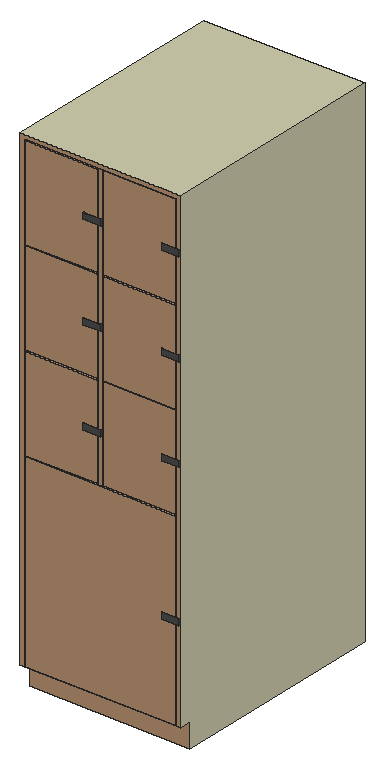
Revit family "Cabinet_Wenger_UltraStor_07", category Furniture, Revit 2015
Parameters (values of type "UltraStor Cabinet #07 - Comp Wood Doors")
  URL = "https://www.wengercorp.com/"
  Type Comments = ""
  Specification = "http://www.arcat.com/sdspecs/htm04/12_35_83wen.htm"
  Shelf Thickness = 0' - 1 1/8"
  Sales Information = "https://www.wengercorp.com/contact-us.php"
  Revision = "R1_2018-04"
  Rear Panel Thickness = 0' - 0 3/4"
  Product Data = "http://www.arcat.com/arcatcos/cos36/arc36487.html"
  Manufacturer Website = "https://www.wengercorp.com/"
  Manufacturer Phone - Toll Free = "800-4WENGER"
  Manufacturer Phone = "(507) 455-4100"
  Manufacturer Fax = "(507) 455-4258"
  Manufacturer Address = "555 Park Dr., Owatonna, MN 55060"
  Keynote = "12 35 83"
  HasDoors = yes
  Green Building-LEED = "http://www.arcat.com/green/clients/leed_data_36487.html"
  Drawn By = "Sumex Design, Inc. / Robert S. Weygant, CSI, CDT, SCIP"
  Door Width = (Cabinet Width - 0' 2 1/4") / 2  # 1' - 0 5/8"
  Door Style = Door_Base : Solid Door
  Door Material [instance] = Wenger Cherry (Use Cherry Edge Band Only)
  Door Height = (Cabinet Height - 0' 4 3/4") / 5  # 1' - 4.175"
  Toe Kick Material [instance] = Wenger Cherry (Use Cherry Edge Band Only)
  RH End Panel [instance] = no
  Model = "#07"
  Manufacturer = "Wenger Corporation"
  LH End Panel [instance] = no
  End Panel Material [instance] = Wenger Cherry (Use Cherry Edge Band Only)
  Edge Banding Material [instance] = Wenger Cherry (Use Cherry Edge Band Only)
  Cost = 0
  Copyright = "© 2018 Arcat Inc."
  Construction Details = "http://www.arcat.com/details/wengerco/wengerco.html?coid=36487"
  Body Material [instance] = Wenger - Oyster
  Description = "Wenger UltraStor Cabinet #07 - Comp Wood Doors"
  Cabinet Width = 2' - 3 1/2"
  Cabinet Height = 7' - 1 5/8"
  Installed Depth = 3' - 3 1/4"
  Cabinet Panel Thickness = 0' - 0 3/4"
  Assembly Code = "E2010200"
Types (14): name | Rear Panel Thickness | HasDoors | Door Width | Door Style | Door Material | Model | Description | Cabinet Width | Installed Depth
  Acoustic Cabinet #07 - No Doors | 0' - 3 1/4" | no | 1' - 0 5/8" | Door_Base : Solid Door | none | "#07A" | "Wenger Acoustic Cabinet #07 - No Doors" | 2' - 3 1/2" | 3' - 5 3/4"
  Narrow Acoustic Cabinet #07 - No Doors | 0' - 3 1/4" | no | 0' - 9 5/8" | Door_Base : Solid Door | none | "#07NA" | "Wenger Narrow Acoustic Cabinet #07 - No Doors" | 1' - 9 1/2" | 3' - 5 3/4"
  Narrow Acoustic Cabinet #07 - Comp Grille Doors | 0' - 3 1/4" | yes | 0' - 9 5/8" | Door_Base : Bars | Painted Black | "#07NA" | "Wenger Narrow Acoustic Cabinet #07 - Comp Grille Doors" | 1' - 9 1/2" | 3' - 5 3/4"
  Acoustic Cabinet #07 - Comp Waterfall Grille Doors | 0' - 3 1/4" | yes | 1' - 0 5/8" | Door_Base : Waterfall | Painted Black | "#07A" | "Wenger Acoustic Cabinet #07 - Comp Waterfall Grille Doors" | 2' - 3 1/2" | 3' - 5 3/4"
  Acoustic Cabinet #07 - Comp Grille Doors | 0' - 3 1/4" | yes | 1' - 0 5/8" | Door_Base : Bars | Painted Black | "#07A" | "Wenger Acoustic Cabinet #07 - Comp Grille Doors" | 2' - 3 1/2" | 3' - 5 3/4"
  Narrow Acoustic Cabinet #07 - Comp Waterfall Grille Doors | 0' - 3 1/4" | yes | 0' - 9 5/8" | Door_Base : Waterfall | Painted Black | "#07NA" | "Wenger Narrow Acoustic Cabinet #07 - Comp Waterfall Grille Doors" | 1' - 9 1/2" | 3' - 5 3/4"
  Narrow UltraStor Cabinet #07 - No Doors | 0' - 0 3/4" | no | 0' - 9 5/8" | Door_Base : Solid Door | none | "#07N" | "Wenger Narrow Cabinet #07 - No Doors" | 1' - 9 1/2" | 3' - 3 1/4"
  UltraStor Cabinet #07 - Comp Waterfall Grille Doors | 0' - 0 3/4" | yes | 1' - 0 5/8" | Door_Base : Waterfall | Painted Black | "#07" | "Wenger UltraStor Cabinet #07 - Comp Waterfall Grille Doors" | 2' - 3 1/2" | 3' - 3 1/4"
  UltraStor Cabinet #07 - Comp Grille Doors | 0' - 0 3/4" | yes | 1' - 0 5/8" | Door_Base : Bars | Painted Black | "#07" | "Wenger UltraStor Cabinet #07 - Comp Grille Doors" | 2' - 3 1/2" | 3' - 3 1/4"
  UltraStor Cabinet #07 - No Doors | 0' - 0 3/4" | no | 1' - 0 5/8" | Door_Base : Solid Door | none | "#07" | "Wenger UltraStor Cabinet #07 - No Doors" | 2' - 3 1/2" | 3' - 3 1/4"
  Narrow UltraStor Cabinet #07 - Comp Grille Doors | 0' - 0 3/4" | yes | 0' - 9 5/8" | Door_Base : Bars | Painted Black | "#07N" | "Wenger Narrow Cabinet #07 - Comp Grille Doors" | 1' - 9 1/2" | 3' - 3 1/4"
  Narrow UltraStor Cabinet #07 - Comp Wood Doors | 0' - 0 3/4" | yes | 0' - 9 5/8" | Door_Base : Solid Door | Wenger Cherry (Use Cherry Edge Band Only) | "#07N" | "Wenger Narrow Cabinet #07 - Comp Wood Doors" | 1' - 9 1/2" | 3' - 3 1/4"
  Narrow UltraStor Cabinet #07 - Comp Waterfall Grille Doors | 0' - 0 3/4" | yes | 0' - 9 5/8" | Door_Base : Waterfall | Painted Black | "#07N" | "Wenger Narrow Cabinet #07 - Comp Waterfall Grille Doors" | 1' - 9 1/2" | 3' - 3 1/4"
  UltraStor Cabinet #07 - Comp Wood Doors | 0' - 0 3/4" | yes | 1' - 0 5/8" | Door_Base : Solid Door | Wenger Cherry (Use Cherry Edge Band Only) | "#07" | "Wenger UltraStor Cabinet #07 - Comp Wood Doors" | 2' - 3 1/2" | 3' - 3 1/4"
Reference planes (in)
  plane 1 "Front": y = 0
  plane 2: z = 0
  plane 3 "Left": x = 0
  plane 4 "Right": x = 27.5
  plane 5 "Back": y = 39.25
  plane 6 "Top": z = 85.625
  plane 7: z = 4
  plane 8: z = 20.175
  plane 9: z = 36.35
  plane 10: z = 52.525
  plane 11: z = 68.7
  plane 12: x = 0.75
  plane 13: x = 26.75
  plane 14: z = 84.875
  plane 15: x = 13.375
  plane 16: x = 14.125
  plane 17: y = 38.5
  plane 18: y = 2
  plane 19: y = 0.75
  plane 20: z = 21.3
  plane 21: z = 37.475
  plane 22: z = 53.65
  plane 23: z = 69.825
  plane 24: z = 5.125
Forms (in)
  Extrusion 1, solid, material "Wenger - Oyster" <- "Body Material"
    sketch origin (0, 0, 0) x (0, 1, 0) y (0, 0, 1)
      loop
        line (0, 85.625) -> (0, 4) -> (2, 4) -> (2, 0) -> (39.25, 0) -> (39.25, 85.625) -> (0, 85.625)
    from 0 to 27.5
  Extrusion 2, void
    sketch origin (0, 0, 0) x (0, 1, 0) y (0, 0, 1)
      loop
        line (-5.5, 84.875) -> (-5.5, 36.35) -> (0.75, 36.35)
        arc (0.75, 36.35) -> (1.18296, 37.12588) -> (2, 37.475) r 1.375
        line (2, 37.475) -> (38.5, 37.475) -> (38.5, 52.525) -> (0.75, 52.525)
        arc (0.75, 52.525) -> (1.18296, 53.30088) -> (2, 53.65) r 1.375
        line (2, 53.65) -> (38.5, 53.65) -> (38.5, 68.7) -> (0.75, 68.7)
        arc (0.75, 68.7) -> (1.18296, 69.47588) -> (2, 69.825) r 1.375
        line (2, 69.825) -> (38.5, 69.825) -> (38.5, 84.875) -> (-5.5, 84.875)
    from 0.75 to 13.375
  Extrusion 3, void
    sketch origin (0, 0, 0) x (0, 1, 0) y (0, 0, 1)
      loop
        line (-5.5, 84.875) -> (-5.5, 36.35) -> (0.75, 36.35)
        arc (0.75, 36.35) -> (1.18296, 37.12588) -> (2, 37.475) r 1.375
        line (2, 37.475) -> (38.5, 37.475) -> (38.5, 52.525) -> (0.75, 52.525)
        arc (0.75, 52.525) -> (1.18296, 53.30088) -> (2, 53.65) r 1.375
        line (2, 53.65) -> (38.5, 53.65) -> (38.5, 68.7) -> (0.75, 68.7)
        arc (0.75, 68.7) -> (1.18296, 69.47588) -> (2, 69.825) r 1.375
        line (2, 69.825) -> (38.5, 69.825) -> (38.5, 84.875) -> (-5.5, 84.875)
    from 14.125 to 26.75
  Extrusion 4, void
    sketch origin (0, 0, 0) x (0, 1, 0) y (0, 0, 1)
      loop
        line (0, 84.875) -> (0, 4) -> (0.0625, 4) -> (0.0625, 84.875) -> (0, 84.875)
    from 0.75 to 26.75
  Extrusion 5, void
    sketch origin (0, 0, 0) x (1, 0, 0) y (0, 0, 1)
      loop
        line (0.75, 36.35) -> (0.75, 5.125) -> (26.75, 5.125) -> (26.75, 36.35) -> (0.75, 36.35)
    from -38.5 to 0
Cuts and joins
  Extrusion 2, Extrusion 3, Extrusion 4, Extrusion 5 cuts Extrusion 1
Lines and regions (in)
  Masking region 1
    outline origin (0, 0, 0) x (1, 0, 0) y (0, 1, 0)
      loop
        line (0, 39.25) -> (0, 0) -> (27.5, 0) -> (27.5, 39.25) -> (0, 39.25)
Dimensions and locks (in)
  "Cabinet Panel Thickness": plane 3 "Left" to plane 12
  "Cabinet Panel Thickness": plane 13 to plane 4 "Right"
  "Cabinet Panel Thickness": plane 5 "Back" to plane 17
  locked: plane 1 "Front" to plane 19 at 0.75
  locked: plane 1 "Front" to plane 18 at 2
  "Shelf Thickness": plane 20 to plane 8
  "Shelf Thickness": plane 21 to plane 9
  "Shelf Thickness": plane 22 to plane 10
  "Shelf Thickness": plane 23 to plane 11
  "Cabinet Panel Thickness": plane 6 "Top" to plane 14
  equal spacing: plane 14, plane 11, plane 10, plane 9, plane 8, plane 7
  "Shelf Thickness": plane 24 to plane 7
  "Cabinet Width": plane 3 "Left" to plane 4 "Right"
  locked: plane 7 to level at 4
  "Cabinet Height": plane 6 "Top" to level
  "Installed Depth": plane 1 "Front" to plane 5 "Back"
  "Door Width": plane 15 to plane 12
  "Door Width": plane 13 to plane 16
  plane 3 "Left" to plane 4 "Right" = 2' - 3 1/2"
  equal spacing: plane 5 "Back", nested 2, plane 1 "Front"
  equal spacing: plane 15, nested 2, plane 16
  aligned and locked: Extrusion 1 sketch curve to plane 6 "Top"
  aligned and locked: Extrusion 1 sketch curve to plane 5 "Back"
  aligned and locked: Extrusion 1 sketch curve to plane 1 "Front"
  aligned and locked: Extrusion 1 sketch curve to plane 7
  aligned and locked: Extrusion 1 sketch curve to plane 18
  aligned and locked: Extrusion 1 sketch curve to level
  aligned and locked: Extrusion 1 to plane 4 "Right"
  aligned and locked: Extrusion 1 to plane 3 "Left"
  aligned and locked: Extrusion 2 sketch curve to plane 14
  aligned and locked: Extrusion 2 sketch curve to plane 17
  aligned and locked: Extrusion 2 sketch curve to plane 11
  aligned and locked: Extrusion 2 sketch curve to plane 22
  aligned and locked: Extrusion 2 sketch curve to plane 10
  aligned and locked: Extrusion 2 sketch curve to plane 21
  aligned and locked: Extrusion 2 sketch curve to plane 9
  aligned and locked: Extrusion 2 sketch curve to plane 23
  aligned and locked: Extrusion 2 to plane 12
  aligned and locked: plane 15 to Extrusion 2
  aligned and locked: Extrusion 3 to plane 13
  aligned and locked: Extrusion 3 to plane 16
  aligned and locked: Extrusion 4 sketch curve to cut or joined group of Extrusion 1, Extrusion 2, Extrusion 3, Extrusion 4, Extrusion 5  (x2)
  aligned and locked: Extrusion 4 to plane 13
  aligned and locked: Extrusion 4 to plane 12
  aligned and locked: plane 10 to nested 8
  aligned and locked: nested 3 to plane 12
  aligned and locked: plane 15 to nested 3
  aligned and locked: nested 3 to plane 11
  aligned and locked: plane 14 to nested 3
  aligned and locked: cut or joined group of Extrusion 1, Extrusion 2, Extrusion 3, Extrusion 4, Extrusion 5 to plane 16
  aligned and locked: cut or joined group of Extrusion 1, Extrusion 2, Extrusion 3, Extrusion 4, Extrusion 5 to plane 13
  aligned and locked: plane 14 to nested 4
  aligned and locked: nested 4 to plane 11
  aligned and locked: plane 11 to cut or joined group of Extrusion 1, Extrusion 2, Extrusion 3, Extrusion 4, Extrusion 5
  aligned and locked: plane 11 to nested 6
  aligned and locked: plane 11 to nested 5
  aligned and locked: nested 6 to plane 10
  aligned and locked: nested 5 to plane 10
  aligned and locked: plane 10 to cut or joined group of Extrusion 1, Extrusion 2, Extrusion 3, Extrusion 4, Extrusion 5
  aligned and locked: plane 10 to nested 7
  aligned and locked: nested 7 to plane 9
  aligned and locked: nested 8 to plane 9
  aligned and locked: nested 8 to plane 13
  aligned and locked: nested 6 to plane 13
  aligned and locked: nested 4 to plane 13
  aligned and locked: nested 4 to plane 16
  aligned and locked: nested 6 to plane 16
  aligned and locked: nested 8 to plane 16
  aligned and locked: plane 15 to nested 7
  aligned and locked: plane 15 to nested 5
  aligned and locked: nested 5 to plane 12
  aligned and locked: nested 7 to plane 12
  aligned and locked: nested 9 to plane 12
  aligned and locked: plane 7 to cut or joined group of Extrusion 1, Extrusion 2, Extrusion 3, Extrusion 4, Extrusion 5
  aligned and locked: nested 9 to plane 7
  aligned and locked: plane 1 "Front" to nested 10
  aligned and locked: nested 10 to level
  aligned and locked: nested 10 to plane 4 "Right"
  aligned and locked: Masking region 1 sketch curve to plane 5 "Back"
  aligned and locked: Masking region 1 sketch curve to plane 1 "Front"
  aligned and locked: plane 3 "Left" to Masking region 1 sketch curve
  aligned and locked: plane 4 "Right" to Masking region 1 sketch curve
  aligned and locked: plane 9 to nested 9
  aligned and locked: nested 9 to plane 13
  aligned and locked: plane 17 to Extrusion 5
  aligned and locked: plane 1 "Front" to Extrusion 5
Automatic sketch dimensions
  Extrusion 3 sketch curve to plane 14 = 0' - 0"
  Extrusion 3 sketch curve to plane 11 = 0' - 0"
  Extrusion 3 sketch curve to plane 19 = 0' - 0"  (x3)
  Extrusion 3 sketch curve to plane 10 = 0' - 0"
  Extrusion 3 sketch curve to plane 18 = 0' - 0"  (x3)
  Extrusion 3 sketch curve to plane 17 = 0' - 0"  (x3)
  Extrusion 3 sketch curve to plane 21 = 0' - 0"
  Extrusion 3 sketch curve to plane 22 = 0' - 0"
  Extrusion 3 sketch curve to plane 23 = 0' - 0"
  plane 1 "Front" to Extrusion 3 sketch curve = 0' - 5 1/2"
  Extrusion 3 sketch curve to plane 18 = 0' - 0.10279"  (x3)
  plane 19 to Extrusion 4 sketch curve = 0' - 0 11/16"
  Extrusion 2 sketch curve to plane 17 = 0' - 0"  (x2)
  Extrusion 2 sketch curve to plane 18 = 0' - 0"  (x3)
  Extrusion 2 sketch curve to plane 18 = 0' - 0.10279"  (x3)
  Extrusion 2 sketch curve to plane 19 = 0' - 0"  (x3)
  Extrusion 4 sketch curve to plane 14 = 0' - 0"
  Extrusion 3 sketch curve to plane 9 = 0' - 0"
  plane 1 "Front" to Extrusion 2 sketch curve = 0' - 5 1/2"
  Extrusion 5 sketch curve to plane 12 = 0' - 0"
  plane 13 to Extrusion 5 sketch curve = 0' - 0"
  Extrusion 5 sketch curve to plane 24 = 0' - 0"
  Extrusion 5 sketch curve to plane 9 = 0' - 0"
Nested families (in)
  nested 1: "End Panel" at (0, 24.25, 0) x (0, -1, 0) z (0, 0, 1), End Panel Material <- "End Panel Material", visible <- "LH End Panel", Edge Banding Material <- "Edge Banding Material", type "End Panel"
    with End Panel Material Wenger Cherry (Use Cherry Edge Band Only), Edge Banding Material Wenger Cherry (Use Cherry Edge Band Only), End Panel Depth 3' - 3 1/4"
  nested 2: "Labels" at (13.75, 19.625, 0), type "Labels"
  nested 3: "Door_Base" at (7.0625, 0, 68.7) x (1, 0, 0) z (0, -1, 0), type <- "Door Style", Height <- "Door Height", Width <- "Door Width", visible <- "HasDoors", type "Solid Door", detail levels medium+fine
    with vBars 11, Width 1' - 0 5/8", ToeKick Height 0' - 4", MidBar no, Height 1' - 4.175", BarHt 1' - 3.675", 2HzBars no
  nested 4: "Door_Base" at (20.4375, 0, 68.7) x (1, 0, 0) z (0, -1, 0), type <- "Door Style", Height <- "Door Height", Width <- "Door Width", visible <- "HasDoors", type "Solid Door", detail levels medium+fine
    with vBars 11, Width 1' - 0 5/8", ToeKick Height 0' - 4", MidBar no, Height 1' - 4.175", BarHt 1' - 3.675", 2HzBars no
  nested 5: "Door_Base" at (7.0625, 0, 52.525) x (1, 0, 0) z (0, -1, 0), type <- "Door Style", Height <- "Door Height", Width <- "Door Width", visible <- "HasDoors", type "Solid Door", detail levels medium+fine
    with vBars 11, Width 1' - 0 5/8", ToeKick Height 0' - 4", MidBar no, Height 1' - 4.175", BarHt 1' - 3.675", 2HzBars no
  nested 6: "Door_Base" at (20.4375, 0, 52.525) x (1, 0, 0) z (0, -1, 0), type <- "Door Style", Height <- "Door Height", Width <- "Door Width", visible <- "HasDoors", type "Solid Door", detail levels medium+fine
    with vBars 11, Width 1' - 0 5/8", ToeKick Height 0' - 4", MidBar no, Height 1' - 4.175", BarHt 1' - 3.675", 2HzBars no
  nested 7: "Door_Base" at (7.0625, 0, 36.35) x (1, 0, 0) z (0, -1, 0), type <- "Door Style", Height <- "Door Height", Width <- "Door Width", visible <- "HasDoors", type "Solid Door", detail levels medium+fine
    with vBars 11, Width 1' - 0 5/8", ToeKick Height 0' - 4", MidBar no, Height 1' - 4.175", BarHt 1' - 3.675", 2HzBars no
  nested 8: "Door_Base" at (20.4375, 0, 36.35) x (1, 0, 0) z (0, -1, 0), type <- "Door Style", Height <- "Door Height", Width <- "Door Width", visible <- "HasDoors", type "Solid Door", detail levels medium+fine
    with vBars 11, Width 1' - 0 5/8", ToeKick Height 0' - 4", MidBar no, Height 1' - 4.175", BarHt 1' - 3.675", 2HzBars no
  nested 9: "Door_Base" at (13.75, 0, 4) x (1, 0, 0) z (0, -1, 0), type <- "Door Style", visible <- "HasDoors", type "Solid Door", detail levels medium+fine
    with vBars 24, Width 2' - 2", ToeKick Height 0' - 4", MidBar no, Height 2' - 8.35", BarHt 2' - 7.85", 2HzBars no
  nested 10: "End Panel" at (28.25, 24.25, 0) x (0, -1, 0) z (0, 0, 1), End Panel Material <- "End Panel Material", Edge Banding Material <- "Edge Banding Material", visible <- "RH End Panel", type "End Panel"
    with End Panel Material Wenger Cherry (Use Cherry Edge Band Only), Edge Banding Material Wenger Cherry (Use Cherry Edge Band Only), End Panel Depth 3' - 3 1/4"
Definition of nested family "End Panel"
  Parameters (values of type "End Panel")
    End Panel Material [instance] = none
    End Panel Height = 7' - 1 5/8"
    End Panel Depth = 1' - 9 3/4"
    Edge Banding Material [instance] = none
    Default Elevation = 4' - 0"
    Assembly Code = ""
  Reference planes (in)
    plane 1 "Center (Front/Back)": y = 0
    plane 2: z = 0
    plane 3 "Center (Left/Right)": x = 0
    plane 4: x = -15
    plane 5: x = 6.75
    plane 6: z = 4
    plane 7: x = 4.75
    plane 8: z = 85.625
    plane 9: y = -0.75
  Forms (in)
    Extrusion 1, solid, material <- "End Panel Material"
      sketch origin (0, 0, 0) x (1, 0, 0) y (0, 0, 1)
        loop
          line (-15, 85.625) -> (-15, 0) -> (4.75, 0) -> (4.75, 4) -> (6.75, 4) -> (6.75, 85.625) -> (-15, 85.625)
      from 0 to 0.75
  Lines and regions (in)
    Masking region 1, detail levels coarse+medium
      outline origin (0, 0, 0) x (1, 0, 0) y (0, 1, 0)
        loop
          line (-15, 0) -> (-15, -0.75) -> (6.75, -0.75) -> (6.75, 0) -> (-15, 0)
  Dimensions and locks (in)
    locked: plane 7 to plane 5 at 2
    locked: plane 6 to level at 4
    "End Panel Height": plane 8 to level
    "End Panel Depth": plane 5 to plane 4
    locked: plane 9 to plane 1 "Center (Front/Back)" at 0.75
    aligned and locked: plane 4 to Extrusion 1 sketch curve
    aligned and locked: level to Extrusion 1 sketch curve
    aligned and locked: plane 7 to Extrusion 1 sketch curve
    aligned and locked: plane 6 to Extrusion 1 sketch curve
    aligned and locked: Extrusion 1 sketch curve to plane 5
    aligned and locked: Extrusion 1 sketch curve to plane 8
    aligned and locked: Extrusion 1 to plane 9
    aligned and locked: Extrusion 1 to plane 1 "Center (Front/Back)"
    aligned and locked: plane 4 to Masking region 1 sketch curve
    aligned and locked: Masking region 1 sketch curve to plane 5
    aligned and locked: plane 1 "Center (Front/Back)" to Masking region 1 sketch curve
    aligned and locked: plane 9 to Masking region 1 sketch curve
Definition of nested family "Door_Base"
  Parameters (values of type "None")
    vBars [instance] = (Width - 0' 2") / 0' 1"  # 6
    Width [instance] = 0' - 8"
    ToeKick Height [instance] = 0' - 4"
    Thickness = 0' - 0 3/4"
    Solid Door = no
    Shelf Thickness = 0' - 0 3/4"
    Panel Thickness = 0' - 0 3/4"
    MidBar [instance] = and(Height < 1' 6", HasDoor, not(Solid Door))  # no
    Height [instance] = 1' - 2 5/8"
    HasDoor = no
    Edge Banding = none
    DoorGap = 0' - 0 1/8"
    Door Finish = none
    Depth = 2' - 0"
    Default Elevation = 4' - 0"
    Bars = no
    BarStyle = Bars : Waterfall
    BarHt [instance] = Height - 0' 0 1/2"  # 1' - 2 1/8"
    2HzBars [instance] = and(Height > 1' 6", not(Solid Door))  # no
  Types (4): name | Thickness | Solid Door | MidBar | HasDoor | Bars | BarStyle
    Solid Door | 0' - 0 3/4" | yes | no | yes | no | Bars : Waterfall
    Bars | 0' - 0 1/4" | no | yes | yes | yes | Bars : Straight
    Waterfall | 0' - 0 3/4" | no | yes | yes | yes | Bars : Waterfall
    None | 0' - 0 3/4" | no | no | no | no | Bars : Waterfall
  Reference planes (in)
    plane 1 "Center (Front/Back)": y = 0
    plane 2: z = 0
    plane 3 "Center (Left/Right)": x = 0
    plane 4: x = -4
    plane 5: y = 14.625
    plane 6: x = 4
    plane 7: z = -0.75
    plane 8: x = -3.875
    plane 9: x = 3.875
    plane 10: y = 0.125
    plane 11: y = 14.5
    plane 12: y = -0.75
    plane 13 "CL Elev": y = 7.3125
    plane 14: x = -3.75
    plane 15: x = 3.75
    plane 16 "BtmRail": y = 0.25
    plane 17: y = 14.375
    plane 18: z = -0.125
    plane 19: x = -2.75
    plane 20: x = 2.75
    plane 21: y = 9.66667
    plane 22: y = 4.95833
  Forms (in)
    Extrusion 1, solid, material <- "Door Finish", visible <- "Solid Door", detail levels medium+fine
      sketch origin (0, 0, 0) x (1, 0, 0) y (0, 1, 0)
        loop
          arc (-3.75, 14.5) -> (-3.83839, 14.46339) -> (-3.875, 14.375) r 0.125
          line (-3.875, 14.375) -> (-3.875, 0.25)
          arc (-3.875, 0.25) -> (-3.83839, 0.16161) -> (-3.75, 0.125) r 0.125
          line (-3.75, 0.125) -> (3.75, 0.125)
          arc (3.75, 0.125) -> (3.83839, 0.16161) -> (3.875, 0.25) r 0.125
          line (3.875, 0.25) -> (3.875, 14.375)
          arc (3.875, 14.375) -> (3.83839, 14.46339) -> (3.75, 14.5) r 0.125
          line (3.75, 14.5) -> (-3.75, 14.5)
      from 0 to -0.75
    Sweep 2, solid, material <- "Door Finish", visible <- "Bars", detail levels medium+fine
      path origin (0, 0, 0) x (1, 0, 0) y (0, 1, 0)
        loop
          arc (-3.125, 14.5) -> (-3.65533, 14.28033) -> (-3.875, 13.75) r 0.75
          line (-3.875, 13.75) -> (-3.875, 0.875)
          arc (-3.875, 0.875) -> (-3.65533, 0.34467) -> (-3.125, 0.125) r 0.75
          line (-3.125, 0.125) -> (3.125, 0.125)
          arc (3.125, 0.125) -> (3.65533, 0.34467) -> (3.875, 0.875) r 0.75
          line (3.875, 0.875) -> (3.875, 13.75)
          arc (3.875, 13.75) -> (3.65533, 14.28033) -> (3.125, 14.5) r 0.75
          line (3.125, 14.5) -> (-3.125, 14.5)
      profile origin (0, 14.5, 0) x (0, 1, 0) y (0, 0, 1)
        loop
          circle (-0.125, -0.125) r 0.125
    Extrusion 3, solid, material <- "Door Finish", visible <- "MidBar", detail levels medium+fine
      sketch origin (0, 0, 0) x (0, 1, 0) y (0, 0, 1)
        loop
          circle (7.3125, -0.125) r 0.125
      from -3.75 to 3.75
    Extrusion 4, solid, visible <- "HasDoor", detail levels fine
      sketch origin (0, 0, 0) x (1, 0, 0) y (0, 1, 0)
        loop
          line (1.5, 7.8125) -> (1.5, 6.8125) -> (4.5, 6.8125) -> (4.5, 7.8125) -> (1.5, 7.8125)
      from 0 to 0.125
    Extrusion 5, solid, material <- "Door Finish", visible <- "2HzBars", detail levels medium+fine
      sketch origin (0, 0, 0) x (0, 1, 0) y (0, 0, 1)
        loop
          circle (9.66667, -0.125) r 0.125
        loop
          circle (4.95833, -0.125) r 0.125
      from -3.75 to 3.75
  Lines and regions (in)
    symbolic lines, visible <- "HasDoor", detail levels medium+fine
      curve 1: line (4, 0.25, 0) -> (-4, 0.25, 0)
      curve 2: line (-4, 0.25, 0) -> (-4, 0.25, 8)
      curve 3: arc (4, 0.25, 0) -> (1.65685, 0.25, 5.65685) -> (-4, 0.25, 8) r 8
    symbolic lines, visible <- "HasDoor"
      curve 4: line (3.875, 0.25, 0) -> (3.875, 0.25, -0.75)
      curve 5: line (3.875, 0.25, -0.75) -> (-3.875, 0.25, -0.75)
      curve 6: line (-3.875, 0.25, -0.75) -> (-3.875, 0.25, 0)
    symbolic lines, detail levels medium
      curve 7: line (3.875, 14.5, 0) -> (-3.875, 7.3125, 0)
      curve 8: line (-3.875, 7.3125, 0) -> (3.875, 0.125, 0)
  Dimensions and locks (in)
    "Height": plane 1 "Center (Front/Back)" to plane 5
    "Thickness": level to plane 7
    equal spacing: plane 4, plane 3 "Center (Left/Right)", plane 6
    "Width": plane 4 to plane 6
    "DoorGap": plane 5 to plane 11
    "DoorGap": plane 9 to plane 6
    "DoorGap": plane 4 to plane 8
    "DoorGap": plane 1 "Center (Front/Back)" to plane 10
    "Shelf Thickness": plane 1 "Center (Front/Back)" to plane 12
    equal spacing: plane 1 "Center (Front/Back)", plane 13 "CL Elev", plane 5
    locked: plane 15 to plane 9 at 0.125
    locked: plane 8 to plane 14 at 0.125
    locked: plane 11 to plane 17 at 0.125
    locked: plane 16 "BtmRail" to plane 10 at 0.125
    locked: level to plane 18 at 0.125
    plane 19 to plane 14 = 0' - 1"
    locked: plane 15 to plane 20 at 1
    Extrusion 4 sketch curve to plane 13 "CL Elev" to Extrusion 4 sketch curve = 0' - 0 1/2" locked, 0' - 0 1/2" locked
    locked: plane 6 to Extrusion 4 sketch curve at 0.5
    locked: Extrusion 4 sketch curve to plane 6 at 2.5
    locked: Extrusion 4 to level at 0.125
    equal spacing: group 1, group 3, group 4, group 5, group 6, group 2  (x3)
    equal spacing: plane 17, plane 21, plane 22, plane 16 "BtmRail"
    "Width": radius of curve 3
    aligned and locked: plane 2 to level
    aligned and locked: Extrusion 1 sketch curve to plane 11
    aligned and locked: plane 8 to Extrusion 1 sketch curve
    aligned and locked: Extrusion 1 sketch curve to plane 9
    aligned and locked: plane 10 to Extrusion 1 sketch curve
    aligned and locked: Extrusion 1 to plane 7
    aligned and locked: level to Extrusion 1
    aligned and locked: Sweep 2 sketch curve to plane 11
    aligned and locked: plane 8 to Sweep 2 sketch curve
    aligned and locked: plane 10 to Sweep 2 sketch curve
    aligned and locked: Sweep 2 sketch curve to plane 9
    aligned and locked: plane 15 to Extrusion 3
    aligned and locked: Extrusion 3 to plane 14
    aligned and locked: plane 20 to nested 2
    aligned and locked: plane 19 to nested 1
    aligned and locked: plane 21 to Extrusion 5 sketch curve
    aligned and locked: plane 18 to Extrusion 5 sketch curve  (x2)
    aligned and locked: plane 22 to Extrusion 5 sketch curve
    aligned and locked: Extrusion 5 to Extrusion 3  (x2)
    aligned and locked: plane 4 to curve 3  (x2)
    aligned and locked: level to curve 3
    aligned and locked: plane 7 to curve 5
    aligned and locked: Extrusion 1 to plane 8
    aligned and locked: plane 9 to Extrusion 1
    aligned and locked: plane 10 to curve 8
    aligned and locked: plane 9 to curve 8
    aligned and locked: plane 13 "CL Elev" to curve 8
    aligned and locked: plane 11 to curve 7
    aligned and locked: plane 9 to curve 7
  Automatic sketch dimensions
    plane 8 to Sweep 2 sketch curve = 0' - 0 3/4"  (x2)
    Sweep 2 sketch curve to plane 9 = 0' - 0 3/4"
    Sweep 2 sketch curve to Sweep 2 sketch curve = 0' - 0 3/4"
    Sweep 2 sketch curve to level = 0' - 0 1/8"
    profile plane to Sweep 2 sketch curve = 0' - 0 1/8"
    Extrusion 3 sketch curve to level = 0' - 0 1/8"
    Extrusion 3 sketch curve to plane 13 "CL Elev" = 0' - 0"
    curve 8 to plane 8 = 0' - 0"
    Extrusion 1 sketch curve to plane 14 = 0' - 0"  (x2)
    Extrusion 1 sketch curve to plane 15 = 0' - 0"  (x2)
    curve 5 to plane 9 = 0' - 0"
    curve 6 to plane 8 = 0' - 0"
    radius of Sweep 2 sketch curve = 0' - 0 1/8"
    radius of Extrusion 3 sketch curve = 0' - 0 1/8"
    radius of Extrusion 5 sketch curve = 0' - 0 1/8"  (x2)
  Nested families (in)
    nested 1: "Bars" at (-2.75, 0.25, -0.125) x (1, 0, 0) z (0, 1, 0), type <- "BarStyle", visible <- "Bars", type "Waterfall", detail levels fine
      with Lateral Deviation 0' - 1", Height 1' - 2 1/8"
    nested 2: "Bars" at (2.75, 0.25, -0.125) x (1, 0, 0) z (0, 1, 0), type <- "BarStyle", visible <- "Bars", type "Waterfall", detail levels fine
      with Lateral Deviation 0' - 1", Height 1' - 2 1/8"
    nested 3: "Bars" at (-1.65, 0.25, -0.125) x (1, 0, 0) z (0, 1, 0), type <- "BarStyle", visible <- "Bars", type "Waterfall", detail levels fine
      with Lateral Deviation 0' - 1", Height 1' - 2 1/8"
    nested 4: "Bars" at (-0.55, 0.25, -0.125) x (1, 0, 0) z (0, 1, 0), type <- "BarStyle", visible <- "Bars", type "Waterfall", detail levels fine
      with Lateral Deviation 0' - 1", Height 1' - 2 1/8"
    nested 5: "Bars" at (0.55, 0.25, -0.125) x (1, 0, 0) z (0, 1, 0), type <- "BarStyle", visible <- "Bars", type "Waterfall", detail levels fine
      with Lateral Deviation 0' - 1", Height 1' - 2 1/8"
    nested 6: "Bars" at (1.65, 0.25, -0.125) x (1, 0, 0) z (0, 1, 0), type <- "BarStyle", visible <- "Bars", type "Waterfall", detail levels fine
      with Lateral Deviation 0' - 1", Height 1' - 2 1/8"
  Definition of nested family "Bars"
    Parameters (values of type "Straight")
      WaterFall = no
      Straight = yes
      Lateral Deviation = 0' - 1 1/2"
      Height = 1' - 2 5/8"
      Default Elevation = 4' - 0"
      Bars = none
    Types (3): name | WaterFall | Straight
      (no name) | no | yes
      Waterfall | yes | no
      Straight | no | yes
    Reference planes (in)
      plane 1 "Center (Front/Back)": y = 0
      plane 2: z = 0
      plane 3 "Center (Left/Right)": x = 0
      plane 4: z = 14.625
      plane 5: z = 7.3125
      plane 6: x = 0.75
      plane 7: x = -0.75
      plane 8: z = 10.96875
      plane 9: z = 3.65625
    Forms (in)
      Sweep 1, solid, material <- "Bars", visible <- "WaterFall"
        path origin (0, 0, 0) x (1, 0, 0) y (0, 0, 1)
          loop
            arc (0, 0) -> (0.56057, 1.79006) -> (0.75, 3.65625) r 9.28711
            arc (0.75, 3.65625) -> (0.56057, 5.52244) -> (0, 7.3125) r 9.28711
        profile origin (0.56057, 0, 1.79006) x (-0.979603, 0, 0.200944) y (0, -1, 0)
          loop
            circle (0, 0) r 0.0625
      Sweep 2, solid, material <- "Bars", visible <- "WaterFall"
        path origin (0, 0, 14.625) x (-1, 0, 0) y (0, 0, -1)
          loop
            arc (0, 0) -> (0.56057, 1.79006) -> (0.75, 3.65625) r 9.28711
            arc (0.75, 3.65625) -> (0.56057, 5.52244) -> (0, 7.3125) r 9.28711
        profile origin (-0.56057, 0, 12.83494) x (0.979603, 0, -0.200944) y (0, -1, 0)
          loop
            circle (0, 0) r 0.0625
      Extrusion 3, solid, material <- "Bars", visible <- "Straight"
        sketch origin (0, 0, 0) x (1, 0, 0) y (0, 1, 0)
          loop
            circle (0, 0) r 0.0625
        from 0 to 14.625
    Dimensions and locks (in)
      "Height": plane 4 to level
      equal spacing: plane 6, plane 3 "Center (Left/Right)", plane 7
      "Lateral Deviation": plane 6 to plane 7
      equal spacing: plane 4, plane 8, plane 5, plane 9, level
      aligned and locked: plane 2 to level
      aligned and locked: plane 3 "Center (Left/Right)" to Sweep 1 sketch curve  (x2)
      aligned and locked: level to Sweep 1 sketch curve
      aligned and locked: plane 6 to Sweep 1 sketch curve
      aligned and locked: plane 9 to Sweep 1 sketch curve
      aligned and locked: plane 4 to Sweep 2 sketch curve
      aligned and locked: plane 3 "Center (Left/Right)" to Sweep 2 sketch curve  (x2)
      aligned and locked: plane 8 to Sweep 2 sketch curve
      aligned and locked: plane 7 to Sweep 2 sketch curve
      aligned and locked: plane 5 to Sweep 2 sketch curve
      aligned and locked: plane 4 to Extrusion 3
      aligned and locked: Extrusion 3 to level
    Automatic sketch dimensions
      plane 1 "Center (Front/Back)" to Sweep 1 sketch curve = 0' - 0"
      Sweep 1 sketch curve to profile plane = 0' - 0"
      Sweep 1 sketch curve to Sweep 1 sketch curve = 0' - 0"
      Sweep 2 sketch curve to plane 1 "Center (Front/Back)" = 0' - 0"
      Sweep 2 sketch curve to profile plane = 0' - 0"
      plane 1 "Center (Front/Back)" to Extrusion 3 sketch curve = 0' - 0"
      Extrusion 3 sketch curve to plane 3 "Center (Left/Right)" = 0' - 0"
      radius of Sweep 1 sketch curve = 0' - 0 1/16"
      radius of Sweep 2 sketch curve = 0' - 0 1/16"
      radius of Extrusion 3 sketch curve = 0' - 0 1/16"
Definition of nested family "Labels"
  Parameters
    Cabinet Label = "01"
  Reference planes (in)
    plane 1: y = 0
    plane 2: x = 0
  Text (in)
    label "xxxx" at (-0.00018, 0.00754, 0), shows "Cabinet Label"
